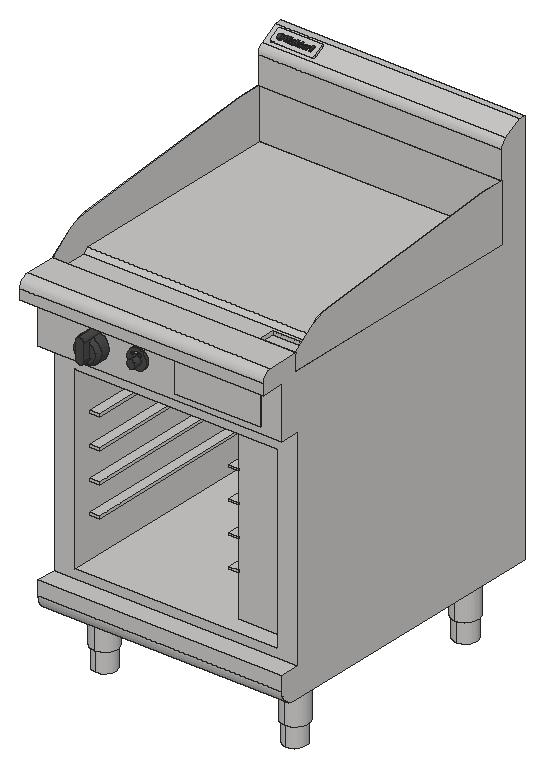
Revit family "QF_MOFFAT WALDORF_GP8600G-CB", category Specialty Equipment, Revit 2012
Parameters
  Weight in Pounds = 238.099  # constant formula
  Width [instance] = 600.00 mm  # constant formula
  URL Cutsheet = "www.moffat.com"
  URL = "www.moffat.com"
  Type Mark [instance] = ""
  Status [instance] = ""
  Specification by User [instance] = ""
  Specification by Manufacturer = ""
  Show Logo [instance] = yes
  Show Casters [instance] = no
  Serial Number = ""
  Seismic Rating = ""
  SMACNA No = ""
  Revision Code [instance] = ""
  Omniclass Number and Title = ""
  NAFEM Spec ID Number = ""
  Model = "GP8600G-CB"
  Mechanical Remarks = ""
  Mechanical Connection Type = ""
  Masterspec = ""
  Manufacturer = "MOFFAT WALDORF"
  Legs [instance] = not(Show Casters)  # yes
  Item Number [instance] = ""
  Installed By [instance] = ""
  Identify Quantity as Lot [instance] = yes
  Height = 1130.00 mm  # constant formula
  Gas Size = 3/4"
  Gas RI Height = 0.00 mm
  Gas KW = 14.7
  Gas Input = 50234.0 Btu/h
  Gas Connection Height = 0.00 mm
  Furnished By [instance] = ""
  Foodservice Equipment Identifier [instance] = yes
  Description = "GRIDDLE PLATE GAS ON CABINET BASE"
  Depth [instance] = 805.00 mm  # constant formula
  CSI MasterFormat = ""
  CSI Master Format = ""
  Back Splash [instance] = 215.00 mm  # constant formula
Reference planes
  plane 1 "BACK": y = 0
  plane 2: z = 0
  plane 3 "LEFT": x = 0
  plane 4 "RIGHT": x = 600
  plane 5 "FRONT": y = -805
  plane 6 "TOP": z = 1130
  plane 7 "Center Y": x = 300
  plane 8 "Center X": y = -402.5
  plane 9 "Base Height": z = 150
  plane 10: z = 915
  plane 11: x = 65
  plane 12: x = 534
  plane 13: y = -625
  plane 14: y = -100
  plane 15: x = 470
  plane 16: z = 655
  plane 17: y = -32
Forms (mm)
  Extrusion 1, solid, material "QF_Finishes_Stainless Steel"
    sketch origin (0, 0, 0) x (0, 1, 0) y (0, 0, 1)
      loop
        line (-699, 222.5) -> (-749, 222.5) -> (-749, 188)
        arc (-749, 188) -> (-737.87, 161.13) -> (-711, 150) r 38
        line (-711, 150) -> (-699, 150) -> (-699, 222.5)
      loop
        line (-100, 150) -> (0, 150) -> (0, 1130) -> (-16.5, 1130) -> (-58, 1106.04)
        arc (-58, 1106.04) -> (-66.785, 1097.255) -> (-70, 1085.255) r 24
        line (-70, 1085.255) -> (-70, 875) -> (-705, 875) -> (-705, 915) -> (-781, 915)
        arc (-781, 915) -> (-797.971, 907.971) -> (-805, 891) r 24
        line (-805, 891) -> (-805, 866) -> (-749, 866) -> (-749, 740) -> (-100, 740) -> (-100, 150)
    from 0 to 600
  Revolve 2, solid, material "QF_Finishes_Stainless Steel", visible <- "Legs"
    sketch origin (534, -210, 0) x (0, 1, 0) y (0, 0, -1)
      loop
        line (78.25, -150) -> (110, -150) -> (110, 0) -> (82.5, 0) -> (82.5, -50) -> (78.25, -50) -> (78.25, -150)
      axis (110, -150) -> (110, 0)
    angle from 0 to 360
  Revolve 3, solid, material "QF_Finishes_Stainless Steel"
    sketch origin (534, -735, 0) x (0, 1, 0) y (0, 0, -1)
      loop
        line (78.25, -150) -> (110, -150) -> (110, 0) -> (82.5, 0) -> (82.5, -50) -> (78.25, -50) -> (78.25, -150)
      axis (110, -150) -> (110, 0)
    angle from 0 to 360
  Revolve 4, solid, material "QF_Finishes_Stainless Steel", visible <- "Legs"
    sketch origin (65, -210, 0) x (0, 1, 0) y (0, 0, -1)
      loop
        line (78.25, -150) -> (110, -150) -> (110, 0) -> (82.5, 0) -> (82.5, -50) -> (78.25, -50) -> (78.25, -150)
      axis (110, -150) -> (110, 0)
    angle from 0 to 360
  Revolve 5, solid, material "QF_Finishes_Stainless Steel"
    sketch origin (65, -735, 0) x (0, 1, 0) y (0, 0, -1)
      loop
        line (78.25, -150) -> (110, -150) -> (110, 0) -> (82.5, 0) -> (82.5, -50) -> (78.25, -50) -> (78.25, -150)
      axis (110, -150) -> (110, 0)
    angle from 0 to 360
  Revolve 6, solid, material "QF_Finishes_Black"
    sketch origin (150, 0, 602.373) x (0, 1, 0) y (0, 0, -1)
      loop
        line (-782, -229.5) -> (-759, -229.5) -> (-759, -202) -> (-749, -202) -> (-749, -197) -> (-793, -197) -> (-793, -223.651) -> (-782, -229.5)
      axis (-793, -197) -> (-749, -197)
    angle from 0 to 360
  Extrusion 7, solid, material "QF_Finishes_Black"
    sketch origin (288.27, 0, 602.531) x (-1, 0, 0) y (0, 0, -1)
      loop
        arc (148.269, -184.969) -> (138.269, -174.969) -> (128.269, -184.969) r 10
        line (128.269, -184.969) -> (128.269, -223.969)
        arc (128.269, -223.969) -> (138.269, -233.969) -> (148.269, -223.969) r 10
        line (148.269, -223.969) -> (148.269, -184.969)
    from 759 to 808
  Extrusion 8, solid, material "QF_Finishes_Stainless Steel"
    sketch origin (0, -749, 866) x (0, 0, -1) y (1, 0, 0)
      loop
        line (24, 340) -> (111, 340) -> (111, 550) -> (24, 550) -> (24, 340)
    from 0 to 2.5
  Extrusion 9, solid, material "QF_Finishes_Stainless Steel"
    sketch origin (0, -751.5, 866) x (0, 0, -1) y (1, 0, 0)
      loop
        line (31, 550) -> (24, 550) -> (24, 340) -> (31, 340) -> (31, 550)
    from 0 to 5
  Extrusion 10, solid, material "QF_Finishes_Black"
    sketch origin (0, -749, 866) x (0, 0, -1) y (1, 0, 0)
      loop
        circle (66.25, 247.5) r 24
      loop
        arc (56.35, 262.413) -> (48.314, 247.625) -> (56.132, 232.719) r 17.868
        arc (56.132, 232.719) -> (56.612, 232.434) -> (57.127, 232.649) r 0.621
        arc (57.127, 232.649) -> (58.564, 235.208) -> (58.908, 238.122) r 7.495
        arc (58.908, 238.122) -> (58.704, 239.05) -> (58.256, 239.888) r 3.472
        arc (58.256, 239.888) -> (55.964, 247.351) -> (58.094, 254.862) r 13.786
        arc (58.094, 254.862) -> (58.734, 256.132) -> (58.999, 257.528) r 5.101
        arc (58.999, 257.528) -> (58.628, 260.047) -> (57.334, 262.239) r 6.611
        arc (57.334, 262.239) -> (56.872, 262.497) -> (56.35, 262.413) r 0.806
    from 0 to 5
  Extrusion 11, solid, material "QF_Finishes_Black"
    sketch origin (0, -754, 866) x (0, 0, -1) y (1, 0, 0)
      loop
        circle (69.75, 247.5) r 10
    from 0 to 18.251
  Extrusion 12, solid, material "QF_Finishes_Stainless Steel"
    sketch origin (0, -699, 685) x (1, 0, 0) y (0, -1, 0)
      loop
        circle (470, -667) r 13.5
    from -55 to 30
  Extrusion 13, solid, material "QF_Finishes_Stainless Steel"
    sketch origin (0, -100, 866) x (0, 0, 1) y (-1, 0, 0)
      loop
        line (-716, 0) -> (-716, -600) -> (-126, -600) -> (-126, 0) -> (-716, 0)
      loop
        line (-181, -50) -> (-623.5, -50) -> (-623.5, -550) -> (-181, -550) -> (-181, -50)
    from 0 to 599
  Extrusion 14, void
    sketch origin (0, 0, 150) x (-1, 0, 0) y (0, -1, 0)
      loop
        line (-535.614, 87.26) -> (-535.614, -30.24) -> (-406.114, -30.24) -> (-406.114, 38.76) -> (-454.614, 87.26) -> (-535.614, 87.26)
    from 72.5 to 590
  Extrusion 15, solid, material "QF_Finishes_Stainless Steel"
    sketch origin (0, -100, 866) x (0, 0, 1) y (-1, 0, 0)
      loop
        line (-447.25, -50) -> (-447.25, -75) -> (-440.9, -75) -> (-440.9, -50) -> (-447.25, -50)
      loop
        line (-365.9, -75) -> (-365.9, -50) -> (-372.25, -50) -> (-372.25, -75) -> (-365.9, -75)
      loop
        line (-522.25, -50) -> (-522.25, -75) -> (-515.9, -75) -> (-515.9, -50) -> (-522.25, -50)
      loop
        line (-290.9, -75) -> (-290.9, -50) -> (-297.25, -50) -> (-297.25, -75) -> (-290.9, -75)
      loop
        line (-447.25, -419.5) -> (-440.9, -419.5) -> (-440.9, -394.5) -> (-447.25, -394.5) -> (-447.25, -419.5)
      loop
        line (-365.9, -394.5) -> (-372.25, -394.5) -> (-372.25, -419.5) -> (-365.9, -419.5) -> (-365.9, -394.5)
      loop
        line (-522.25, -419.5) -> (-515.9, -419.5) -> (-515.9, -394.5) -> (-522.25, -394.5) -> (-522.25, -419.5)
      loop
        line (-290.9, -394.5) -> (-297.25, -394.5) -> (-297.25, -419.5) -> (-290.9, -419.5) -> (-290.9, -394.5)
    from 0 to 554
  Extrusion 16, solid, material "QF_Finishes_Stainless Steel"
    sketch origin (0, -100, 866) x (0, 0, 1) y (-1, 0, 0)
      loop
        line (-181, -550) -> (-181, -419.5) -> (-623.5, -419.5) -> (-623.5, -550) -> (-181, -550)
    from 546.898 to 554
Cuts and joins
  joined: Extrusion 8, Extrusion 9
  Extrusion 14 cuts Extrusion 1
  joined: Extrusion 1, Extrusion 13
Lines and regions (mm)
  Split face 1
    outline origin (12.5, -16.5, 1130) x (0, -0.866025, -0.5) y (1, 0, 0)
      loop
        line (5.391, 151.462) -> (40.361, 151.462) -> (40.361, 169.241) -> (5.391, 169.241) -> (5.391, 151.462)
  Split face 2
    outline origin (66.25, -16.5, 1130) x (0, -0.866025, -0.5) y (1, 0, 0)
      loop
        line (5.391, 151.462) -> (40.361, 151.462) -> (40.361, 169.241) -> (5.391, 169.241) -> (5.391, 151.462)
  Split face 3
    outline origin (120, -16.5, 1130) x (0, -0.866025, -0.5) y (1, 0, 0)
      loop
        line (5.391, 151.462) -> (40.361, 151.462) -> (40.361, 169.241) -> (5.391, 169.241) -> (5.391, 151.462)
  Split face 4
    outline origin (173.75, -16.5, 1130) x (0, -0.866025, -0.5) y (1, 0, 0)
      loop
        line (5.391, 151.462) -> (40.361, 151.462) -> (40.361, 169.241) -> (5.391, 169.241) -> (5.391, 151.462)
  Split face 5
    outline origin (227.5, -16.5, 1130) x (0, -0.866025, -0.5) y (1, 0, 0)
      loop
        line (5.391, 151.462) -> (40.361, 151.462) -> (40.361, 169.241) -> (5.391, 169.241) -> (5.391, 151.462)
  Split face 6
    outline origin (281.25, -16.5, 1130) x (0, -0.866025, -0.5) y (1, 0, 0)
      loop
        line (5.391, 151.462) -> (40.361, 151.462) -> (40.361, 169.241) -> (5.391, 169.241) -> (5.391, 151.462)
  Split face 7
    outline origin (335, -16.5, 1130) x (0, -0.866025, -0.5) y (1, 0, 0)
      loop
        line (5.391, 151.462) -> (40.361, 151.462) -> (40.361, 169.241) -> (5.391, 169.241) -> (5.391, 151.462)
  symbolic lines
    curve 1: line (0, 0, 0) -> (0, -805, 0)
    curve 2: line (600, 0, 0) -> (0, 0, 0)
    curve 3: line (600, -805, 0) -> (600, 0, 0)
    curve 4: line (0, -70, 0) -> (600, -70, 0)
    curve 5: line (0, -805, 0) -> (600, -805, 0)
    curve 6: line (12.5, -20.958, 0) -> (121.5, -20.958, 0)
    curve 7: line (12.5, -51.234, 0) -> (12.5, -20.958, 0)
    curve 8: line (121.5, -20.958, 0) -> (121.5, -51.234, 0)
    curve 9: line (12.5, -51.234, 0) -> (121.5, -51.234, 0)
    curve 10: line (181.741, -21.168, 0) -> (181.741, -51.453, 0)
    curve 11: line (181.741, -51.453, 0) -> (163.962, -51.453, 0)
    curve 12: line (163.962, -51.453, 0) -> (163.962, -21.168, 0)
    curve 13: line (163.962, -21.168, 0) -> (181.741, -21.168, 0)
    curve 14: line (217.712, -51.453, 0) -> (217.712, -21.168, 0)
    curve 15: line (217.712, -21.168, 0) -> (235.491, -21.168, 0)
    curve 16: line (235.491, -21.168, 0) -> (235.491, -51.453, 0)
    curve 17: line (235.491, -51.453, 0) -> (217.712, -51.453, 0)
    curve 18: line (271.462, -51.453, 0) -> (271.462, -21.168, 0)
    curve 19: line (271.462, -21.168, 0) -> (289.241, -21.168, 0)
    curve 20: line (289.241, -21.168, 0) -> (289.241, -51.453, 0)
    curve 21: line (289.241, -51.453, 0) -> (271.462, -51.453, 0)
    curve 22: line (325.212, -21.168, 0) -> (325.212, -51.453, 0)
    curve 23: line (325.212, -51.453, 0) -> (342.991, -51.453, 0)
    curve 24: line (342.991, -51.453, 0) -> (342.991, -21.168, 0)
    curve 25: line (342.991, -21.168, 0) -> (325.212, -21.168, 0)
    curve 26: line (378.962, -51.453, 0) -> (378.962, -21.168, 0)
    curve 27: line (378.962, -21.168, 0) -> (396.741, -21.168, 0)
    curve 28: line (396.741, -21.168, 0) -> (396.741, -51.453, 0)
    curve 29: line (396.741, -51.453, 0) -> (378.962, -51.453, 0)
    curve 30: line (432.712, -21.168, 0) -> (432.712, -51.453, 0)
    curve 31: line (432.712, -51.453, 0) -> (450.491, -51.453, 0)
    curve 32: line (450.491, -51.453, 0) -> (450.491, -21.168, 0)
    curve 33: line (450.491, -21.168, 0) -> (432.712, -21.168, 0)
    curve 34: line (486.462, -51.453, 0) -> (486.462, -21.168, 0)
    curve 35: line (486.462, -21.168, 0) -> (504.241, -21.168, 0)
    curve 36: line (504.241, -21.168, 0) -> (504.241, -51.453, 0)
    curve 37: line (504.241, -51.453, 0) -> (486.462, -51.453, 0)
Dimensions and locks
  equal spacing: plane 3 "LEFT", plane 7 "Center Y", plane 4 "RIGHT"
  "Width": plane 3 "LEFT" to plane 4 "RIGHT"
  equal spacing: plane 5 "FRONT", plane 8 "Center X", plane 1 "BACK"
  "Depth": plane 5 "FRONT" to plane 1 "BACK"
  locked: plane 10 to level at 915
  locked: plane 9 "Base Height" to level at 150
  plane 6 "TOP" to nested 1 to nested 1 to plane 10 = 1.099 mm locked, 17.226 mm locked, 196.675 mm
  plane 13 to plane 14 = 525.00 mm
  plane 12 to plane 11 = 469.00 mm
  "Height": plane 6 "TOP" to level
  plane 15 to plane 4 "RIGHT" = 130.00 mm
  plane 16 to level = 655.00 mm
  plane 17 to plane 1 "BACK" = 32.00 mm
  aligned and locked: level to plane 2
Automatic sketch dimensions
  plane 1 "BACK" to curve 1 = 0.00 mm
  curve 1 to plane 3 "LEFT" = 0.00 mm
  curve 3 to plane 4 "RIGHT" = 0.00 mm
  plane 5 "FRONT" to curve 5 = 0.00 mm
  plane 3 "LEFT" to curve 6 = 12.50 mm
  plane 11 to curve 9 = 56.50 mm
  plane 14 to curve 4 = 30.00 mm
  curve 4 to curve 7 = 18.766 mm
  plane 1 "BACK" to curve 6 = 20.958 mm
  Revolve 2 sketch curve to plane 9 "Base Height" = 0.00 mm
  Revolve 2 sketch curve to level = 0.00 mm
  Revolve 2 sketch curve to plane 14 = 0.00 mm  (x2)
  Revolve 2 sketch curve to plane 14 = 27.50 mm
  Revolve 2 sketch curve to plane 14 = 31.75 mm
  level to Revolve 2 sketch curve = 50.00 mm
  Revolve 2 sketch curve to Revolve 2 sketch curve = 0.00 mm
  Revolve 2 sketch curve to Revolve 2 sketch curve = 55.00 mm
  Revolve 3 sketch curve to plane 9 "Base Height" = 0.00 mm
  Revolve 3 sketch curve to level = 0.00 mm
  Revolve 3 sketch curve to plane 13 = 0.00 mm  (x2)
  Revolve 3 sketch curve to plane 13 = 27.50 mm
  Revolve 3 sketch curve to plane 13 = 31.75 mm
  level to Revolve 3 sketch curve = 50.00 mm
  Revolve 3 sketch curve to Revolve 3 sketch curve = 0.00 mm
  Revolve 3 sketch curve to Revolve 3 sketch curve = 55.00 mm
  Revolve 4 sketch curve to plane 9 "Base Height" = 0.00 mm
  Revolve 4 sketch curve to level = 0.00 mm
  Revolve 4 sketch curve to plane 14 = 0.00 mm  (x2)
  Revolve 4 sketch curve to plane 14 = 27.50 mm
  Revolve 4 sketch curve to plane 14 = 31.75 mm
  level to Revolve 4 sketch curve = 50.00 mm
  Revolve 4 sketch curve to Revolve 4 sketch curve = 0.00 mm
  Revolve 4 sketch curve to Revolve 4 sketch curve = 55.00 mm
  Revolve 5 sketch curve to plane 9 "Base Height" = 0.00 mm
  Revolve 5 sketch curve to level = 0.00 mm
  Revolve 5 sketch curve to plane 13 = 0.00 mm  (x2)
  Revolve 5 sketch curve to plane 13 = 27.50 mm
  Revolve 5 sketch curve to plane 13 = 31.75 mm
  level to Revolve 5 sketch curve = 50.00 mm
  Revolve 5 sketch curve to Revolve 5 sketch curve = 0.00 mm
  Revolve 5 sketch curve to Revolve 5 sketch curve = 55.00 mm
  Extrusion 1 to Split face 1 sketch curve = 5.391 mm
  Split face 1 sketch curve to Extrusion 1 = 7.559 mm
  Split face 1 sketch curve to Extrusion 1 = 163.962 mm
  Split face 1 sketch curve to Split face 1 sketch curve = 17.779 mm
  Extrusion 1 to Split face 2 sketch curve = 5.391 mm
  Split face 2 sketch curve to Extrusion 1 = 7.559 mm
  Split face 2 sketch curve to Extrusion 1 = 217.712 mm
  Split face 2 sketch curve to Split face 2 sketch curve = 17.779 mm
  Extrusion 1 to Split face 3 sketch curve = 5.391 mm
  Split face 3 sketch curve to Extrusion 1 = 7.559 mm
  Split face 3 sketch curve to Extrusion 1 = 271.462 mm
  Split face 3 sketch curve to Split face 3 sketch curve = 17.779 mm
  Extrusion 1 to Split face 4 sketch curve = 5.391 mm
  Split face 4 sketch curve to Extrusion 1 = 7.559 mm
  Split face 4 sketch curve to Extrusion 1 = 274.788 mm
  Split face 4 sketch curve to Split face 4 sketch curve = 17.779 mm
  Extrusion 1 to Split face 5 sketch curve = 5.391 mm
  Split face 5 sketch curve to Extrusion 1 = 7.559 mm
  Split face 5 sketch curve to Extrusion 1 = 221.038 mm
  Split face 5 sketch curve to Split face 5 sketch curve = 17.779 mm
  Extrusion 1 to Split face 6 sketch curve = 5.391 mm
  Split face 6 sketch curve to Extrusion 1 = 7.559 mm
  Split face 6 sketch curve to Extrusion 1 = 167.288 mm
  Split face 6 sketch curve to Split face 6 sketch curve = 17.779 mm
  Extrusion 1 to Split face 7 sketch curve = 5.391 mm
  Split face 7 sketch curve to Extrusion 1 = 7.559 mm
  Split face 7 sketch curve to Extrusion 1 = 113.538 mm
  Split face 7 sketch curve to Split face 7 sketch curve = 17.779 mm
  curve 8 to curve 12 = 42.462 mm
  curve 12 to curve 13 = 17.779 mm
  curve 12 to curve 8 = 0.219 mm
  plane 1 "BACK" to curve 10 = 21.168 mm
  curve 10 to curve 15 = 35.971 mm
  curve 14 to curve 17 = 17.779 mm
  curve 10 to curve 17 = 0.00 mm
  plane 1 "BACK" to curve 15 = 21.168 mm
  curve 18 to plane 7 "Center Y" = 28.538 mm
  curve 21 to plane 7 "Center Y" = 10.759 mm
  curve 16 to curve 18 = 0.00 mm
  plane 1 "BACK" to curve 20 = 21.168 mm
  plane 7 "Center Y" to curve 23 = 25.212 mm
  curve 22 to curve 25 = 17.779 mm
  plane 14 to curve 24 = 48.547 mm
  plane 1 "BACK" to curve 25 = 21.168 mm
  curve 24 to curve 27 = 35.971 mm
  curve 26 to curve 29 = 17.779 mm
  plane 14 to curve 29 = 48.547 mm
  plane 1 "BACK" to curve 26 = 21.168 mm
  curve 28 to curve 30 = 35.971 mm
  curve 30 to curve 33 = 17.779 mm
  plane 14 to curve 32 = 48.547 mm
  plane 1 "BACK" to curve 33 = 21.168 mm
  curve 31 to curve 34 = 35.971 mm
  curve 34 to curve 37 = 17.779 mm
  plane 14 to curve 37 = 48.547 mm
  plane 1 "BACK" to curve 34 = 21.168 mm
  Revolve 6 sketch curve to plane 5 "FRONT" = 12.00 mm
  Revolve 6 sketch curve to Revolve 6 sketch curve = 0.00 mm  (x2)
  Revolve 6 sketch curve to Revolve 6 sketch curve = 11.00 mm
  Revolve 6 sketch curve to Revolve 6 sketch curve = 12.70 mm
  Revolve 6 sketch curve to Revolve 6 sketch curve = 23.00 mm
  Revolve 6 sketch curve to Revolve 6 sketch curve = 10.00 mm
  plane 9 "Base Height" to Revolve 6 sketch curve = 681.873 mm
  Revolve 6 sketch curve to Revolve 6 sketch curve = 5.849 mm
  Revolve 6 sketch curve to Revolve 6 sketch curve = 27.50 mm
  Revolve 6 sketch curve to Revolve 6 sketch curve = 5.00 mm
  plane 11 to Extrusion 7 sketch curve = 95.001 mm
  Extrusion 7 sketch curve to Extrusion 7 sketch curve = 10.00 mm
  plane 9 "Base Height" to Extrusion 7 sketch curve = 676.50 mm
  plane 9 "Base Height" to Extrusion 7 sketch curve = 637.50 mm
  Extrusion 9 sketch curve to Extrusion 8 = 0.00 mm  (x2)
  Extrusion 8 to Extrusion 9 sketch curve = 0.00 mm
  Extrusion 9 sketch curve to Extrusion 8 = 7.00 mm
  Extrusion 1 to Extrusion 10 sketch curve = 51.437 mm
  Extrusion 10 sketch curve to Extrusion 10 sketch curve = 0.958 mm
  Extrusion 10 sketch curve to Extrusion 10 sketch curve = 1.509 mm
  Extrusion 10 sketch curve to Extrusion 10 sketch curve = 4.01 mm
  Extrusion 10 sketch curve to Extrusion 10 sketch curve = 0.685 mm
  Extrusion 10 sketch curve to Extrusion 10 sketch curve = 2.447 mm
  Extrusion 10 sketch curve to Extrusion 10 sketch curve = 0.524 mm
  Extrusion 10 sketch curve to Extrusion 10 sketch curve = 0.381 mm
  Extrusion 10 sketch curve to Extrusion 10 sketch curve = 0.472 mm
  Extrusion 10 sketch curve to Extrusion 10 sketch curve = 0.00 mm  (x5)
  Extrusion 10 sketch curve to Extrusion 10 sketch curve = 0.602 mm
  Extrusion 10 sketch curve to Extrusion 10 sketch curve = 4.19 mm
  Extrusion 10 sketch curve to Extrusion 10 sketch curve = 2.809 mm
  Extrusion 10 sketch curve to Extrusion 10 sketch curve = 0.652 mm
  Extrusion 10 sketch curve to Extrusion 10 sketch curve = 0.905 mm
  Extrusion 10 sketch curve to Extrusion 10 sketch curve = 8.087 mm
  Extrusion 10 sketch curve to Extrusion 10 sketch curve = 0.069 mm
  Extrusion 10 sketch curve to Extrusion 10 sketch curve = 3.50 mm
  Extrusion 1 to Extrusion 10 sketch curve = 232.649 mm
  Extrusion 10 sketch curve to Extrusion 10 sketch curve = 0.07 mm
  Extrusion 10 sketch curve to Extrusion 10 sketch curve = 7.606 mm
  Extrusion 10 sketch curve to Extrusion 10 sketch curve = 0.007 mm
  Extrusion 1 to Extrusion 8 sketch curve = 24.00 mm
  Extrusion 8 sketch curve to Extrusion 1 = 15.00 mm
  Extrusion 1 to Extrusion 8 sketch curve = 260.00 mm
  Extrusion 1 to Extrusion 8 sketch curve = 50.00 mm
  Extrusion 1 sketch curve to plane 5 "FRONT" = 0.00 mm
  Extrusion 1 sketch curve to plane 10 = 0.00 mm
  Extrusion 1 sketch curve to plane 9 "Base Height" = 0.00 mm  (x2)
  Extrusion 1 sketch curve to plane 14 = 0.00 mm
  Extrusion 1 sketch curve to plane 6 "TOP" = 0.00 mm
  Extrusion 1 sketch curve to plane 1 "BACK" = 0.00 mm
  Extrusion 1 sketch curve to plane 5 "FRONT" = 24.00 mm
  Extrusion 1 sketch curve to plane 5 "FRONT" = 56.00 mm  (x2)
  Extrusion 1 sketch curve to Extrusion 1 sketch curve = 38.00 mm
  Extrusion 1 sketch curve to Extrusion 1 sketch curve = 44.00 mm
  Extrusion 1 sketch curve to Extrusion 1 sketch curve = 12.00 mm  (x2)
  plane 14 to Extrusion 1 sketch curve = 30.00 mm
  Extrusion 1 sketch curve to plane 17 = 14.00 mm
  plane 17 to Extrusion 1 sketch curve = 15.50 mm
  Extrusion 1 sketch curve to Extrusion 1 sketch curve = 34.50 mm
  Extrusion 1 sketch curve to Extrusion 1 sketch curve = 25.00 mm
  Extrusion 1 sketch curve to plane 10 = 40.00 mm
  Extrusion 1 sketch curve to plane 6 "TOP" = 44.745 mm
  Extrusion 1 to Extrusion 13 sketch curve = 0.00 mm
  Extrusion 13 sketch curve to Extrusion 1 = 0.00 mm  (x2)
  Extrusion 1 to Extrusion 13 sketch curve = 92.50 mm
  Extrusion 13 sketch curve to Extrusion 13 sketch curve = 92.50 mm
  Extrusion 1 to Extrusion 13 sketch curve = 50.00 mm  (x2)
  plane 16 to Extrusion 1 sketch curve = 85.00 mm
  Extrusion 12 sketch curve to plane 15 = 0.00 mm
  Extrusion 12 sketch curve to plane 17 = 0.00 mm
  Extrusion 1 to Extrusion 13 sketch curve = 55.00 mm
  Extrusion 14 sketch curve to plane 12 = 1.614 mm
  Extrusion 14 sketch curve to plane 15 = 15.386 mm
  Extrusion 14 sketch curve to plane 17 = 6.76 mm
  Extrusion 14 sketch curve to plane 15 = 63.886 mm
  Extrusion 14 sketch curve to plane 1 "BACK" = 30.24 mm
  plane 14 to Extrusion 14 sketch curve = 12.74 mm
  Extrusion 1 to Extrusion 16 sketch curve = 92.50 mm
  Extrusion 1 to Extrusion 16 sketch curve = 55.00 mm
  Extrusion 1 to Extrusion 16 sketch curve = 50.00 mm
  Extrusion 16 sketch curve to Extrusion 16 sketch curve = 130.50 mm
  Extrusion 1 to Extrusion 15 sketch curve = 50.00 mm  (x2)
  Extrusion 1 to Extrusion 15 sketch curve = 193.75 mm  (x2)
  Extrusion 15 sketch curve to Extrusion 15 sketch curve = 6.35 mm  (x8)
  Extrusion 15 sketch curve to Extrusion 15 sketch curve = 68.65 mm  (x6)
  Extrusion 15 sketch curve to Extrusion 15 sketch curve = 25.00 mm  (x8)
  Extrusion 15 sketch curve to Extrusion 15 sketch curve = 0.00 mm  (x4)
  Extrusion 1 to Extrusion 15 sketch curve = 75.00 mm
  Extrusion 1 to Extrusion 15 sketch curve = 205.50 mm
  radius of Extrusion 11 sketch curve to Extrusion 10 = 3.786 mm
  radius of Extrusion 10 sketch curve = 24.00 mm
  radius of Extrusion 12 sketch curve = 13.50 mm
Nested families
  nested 1: "WALDORF-LOGO" at (12.5, -35.273, 1102.604), visible <- "Show Logo", type "WALDORF-LOGO", detail levels medium+fine
    with Type Mark "", Status "", Specification by User "", Revision Code "", Item Number "", Installed By "", Identify Quantity as Lot yes, Furnished By "", Foodservice Equipment Identifier yes
  nested 2: "GP8600G-CB-CASTERS" at (65, -127.5, 0), Show Casters <- "Show Casters", visible <- "Show Casters", type "GP8600G-CB-CASTERS"
    with Type Mark "", Status "", Specification by User "", Show Casters no, Revision Code "", Item Number "", Installed By "", Identify Quantity as Lot yes, Furnished By "", Foodservice Equipment Identifier yes
  nested 3: "GP8600G-CB-CASTERS" at (535, -127.5, 0), Show Casters <- "Show Casters", visible <- "Show Casters", type "GP8600G-CB-CASTERS"
    with Type Mark "", Status "", Specification by User "", Show Casters no, Revision Code "", Item Number "", Installed By "", Identify Quantity as Lot yes, Furnished By "", Foodservice Equipment Identifier yes
  nested 4: "GAS GRIDDLE PLATE" at (0, -70, 884.5), type "GAS GRIDDLE PLATE"
    with Type Mark "", Status "", Specification by User "", Show Clearance yes, Revision Code "", Number of Poles 1, Mechanical Remarks "", Mechanical Connection Type "", Item Number "", Installed By "", Identify Quantity as Lot yes, Gas RI Height 0.00 mm, Gas KW 0, Gas Input 0.0 Btu/h, Furnished By "", Foodservice Equipment Identifier yes, Electrical Remarks "", Electric Connection Type "", Elec Conn RI Height 0.00 mm, Elec Conn Connection Height 0.00 mm
Connectors
  piping at (470, -32, 655)
    settings: on Extrusion 12, index 1, connector radius 0.37402", flow factor 0, pipe flow 0 GPM, pressure drop 0.00 psi, fitting loss kfactor 0, connector angle 0.00°, fixture units 0, engagement length 0.00 mm, flow configuration 1, flow direction 1, fitting loss method 0, system type 7, joint type 0, gender type 0, connector reference index -1, connector utility 0, adjustable connector no, is connector primary yes, fitting loss table "", connector description "GAS CONNECTION"
Definition of nested family "WALDORF-LOGO"
  Parameters (values of type "BT8300-CB-LOGO")
    Weight in Pounds = 0
    URL Cutsheet = ""
    Type Mark [instance] = ""
    Status [instance] = ""
    Specification by User [instance] = ""
    Specification by Manufacturer = ""
    Show Logo [instance] = yes
    Serial Number = ""
    Seismic Rating = ""
    SMACNA No = ""
    Revision Code [instance] = ""
    Omniclass Number and Title = ""
    NAFEM Spec ID Number = ""
    Masterspec = ""
    Item Number [instance] = ""
    Installed By [instance] = ""
    Identify Quantity as Lot [instance] = yes
    Furnished By [instance] = ""
    Foodservice Equipment Identifier [instance] = yes
    CSI MasterFormat = ""
    CSI Master Format = ""
  Reference planes
    plane 1 "BACK": y = 0
    plane 2: z = 0
    plane 3 "LEFT": x = 0
    plane 4 "RIGHT": x = 109
    plane 5 "FRONT": y = -1.588
    plane 6 "TOP": z = 34.14
    plane 7 "Center Y": x = 54.5
    plane 8 "Center X": y = -0.794
  Forms (mm)
    Extrusion 1, solid, material "QF_Finishes_Stainless Steel", visible <- "Show Logo"
      sketch origin (0, -15.16, 7.701) x (1, 0, 0) y (0, 0.863373, 0.504566)
        loop
          arc (5, 34.14) -> (1.464, 32.676) -> (0, 29.14) r 5
          line (0, 29.14) -> (0, 5)
          arc (0, 5) -> (1.464, 1.464) -> (5, 0) r 5
          line (5, 0) -> (104, 0)
          arc (104, 0) -> (107.536, 1.464) -> (109, 5) r 5
          line (109, 5) -> (109, 29.14)
          arc (109, 29.14) -> (107.536, 32.676) -> (104, 34.14) r 5
          line (104, 34.14) -> (5, 34.14)
      from 0 to 1.588
    Extrusion 2, solid, material "QF_Finishes_Black", visible <- "Show Logo"
      sketch origin (0, -15.961, 9.072) x (1, 0, 0) y (0, 0.863373, 0.504566)
        loop
          line (24.772, 23.214) -> (27.992, 10.301) -> (31.551, 10.301) -> (33.443, 17.364) -> (35.205, 10.301) -> (39.332, 10.301) -> (42.077, 23.214) -> (38.352, 23.214) -> (36.676, 15.33) -> (35, 23.214) -> (31.752, 23.214) -> (30.076, 15.33) -> (28.4, 23.214) -> (24.772, 23.214)
        loop
          line (42.272, 17.055) -> (45.703, 17.055)
          spline (45.703, 17.055) -> (45.741, 17.285) -> (45.852, 17.499) -> (46.028, 17.682) -> (46.258, 17.823) -> (46.526, 17.912) -> (46.813, 17.942) -> (47.1, 17.912) -> (47.368, 17.823) -> (47.597, 17.682) -> (47.774, 17.499) -> (47.884, 17.285) -> (47.922, 17.055)
          line (47.922, 17.055) -> (47.922, 16.222)
          arc (47.922, 16.222) -> (45.742, 16.014) -> (43.665, 15.317) r 9.604
          arc (43.665, 15.317) -> (41.924, 12.809) -> (43.665, 10.301) r 2.677
          arc (43.665, 10.301) -> (45.527, 10.353) -> (47.332, 10.816) r 8.365
          line (47.332, 10.816) -> (48.092, 11.105) -> (48.092, 10.301) -> (51.817, 10.301) -> (51.817, 17.055)
          spline (51.817, 17.055) -> (51.654, 17.821) -> (51.178, 18.535) -> (50.419, 19.148) -> (49.431, 19.619) -> (48.28, 19.914) -> (47.044, 20.015) -> (45.809, 19.914) -> (44.658, 19.619) -> (43.67, 19.148) -> (42.911, 18.535) -> (42.434, 17.821) -> (42.272, 17.055)
        loop
          line (53.151, 23.214) -> (53.151, 10.301) -> (57.37, 10.301) -> (57.37, 23.214) -> (53.151, 23.214)
        loop
          line (64.874, 23.214) -> (64.874, 18.857)
          arc (64.874, 18.857) -> (58.083, 15.11) -> (64.874, 11.363) r 4.429
          line (64.874, 11.363) -> (64.874, 10.301) -> (68.378, 10.301) -> (68.378, 23.214) -> (64.874, 23.214)
        loop
          arc (64.874, 16.083) -> (61.41, 14.987) -> (64.874, 13.891) r 1.905
          line (64.874, 13.891) -> (64.874, 16.083)
        loop
          circle (74.623, 15.223) r 5
        loop
          spline (74.623, 17.856) -> (74.355, 17.766) -> (74.105, 17.503) -> (73.891, 17.084) -> (73.726, 16.539) -> (73.623, 15.904) -> (73.588, 15.223) -> (73.623, 14.541) -> (73.726, 13.906) -> (73.891, 13.361) -> (74.105, 12.942) -> (74.355, 12.679) -> (74.623, 12.59)
          spline (74.623, 12.59) -> (74.891, 12.679) -> (75.141, 12.942) -> (75.355, 13.361) -> (75.52, 13.906) -> (75.623, 14.541) -> (75.659, 15.223) -> (75.623, 15.904) -> (75.52, 16.539) -> (75.355, 17.084) -> (75.141, 17.503) -> (74.891, 17.766) -> (74.623, 17.856)
        loop
          line (81.255, 19.813) -> (81.255, 10.301) -> (84.834, 10.301) -> (84.834, 14.176)
          arc (84.834, 14.176) -> (85.854, 16.093) -> (88.013, 16.32) r 2.313
          line (88.013, 16.32) -> (88.013, 19.813) -> (87.161, 19.813)
          arc (87.161, 19.813) -> (85.526, 19.266) -> (84.549, 17.844) r 2.717
          line (84.549, 17.844) -> (84.549, 19.813) -> (81.255, 19.813)
        loop
          line (90.249, 19.813) -> (88.91, 19.813) -> (88.91, 17.614) -> (90.249, 17.614) -> (90.249, 10.301) -> (93.998, 10.301) -> (93.998, 17.614) -> (95.418, 17.614) -> (95.418, 19.813) -> (93.998, 19.813)
          arc (93.998, 19.813) -> (94.414, 20.817) -> (95.418, 21.233) r 1.42
          line (95.418, 21.233) -> (95.418, 23.602) -> (93.317, 23.602)
          arc (93.317, 23.602) -> (91.343, 22.903) -> (90.249, 21.118) r 3.137
          line (90.249, 21.118) -> (90.249, 19.813)
        loop
          arc (15.241, 23.571) -> (8.392, 16.525) -> (15.241, 9.479) r 7.049
          line (15.241, 9.479) -> (15.241, 23.571)
        loop
          line (15.641, 23.571) -> (15.641, 9.479)
          arc (15.641, 9.479) -> (22.49, 16.525) -> (15.641, 23.571) r 7.049
        loop
          arc (47.922, 14.711) -> (46.266, 13.749) -> (47.922, 12.787) r 1.107
          line (47.922, 12.787) -> (47.922, 14.711)
      from 0 to 0.2
  Dimensions and locks
    equal spacing: plane 3 "LEFT", plane 7 "Center Y", plane 4 "RIGHT"
    plane 3 "LEFT" to plane 4 "RIGHT" = 109.00 mm
    equal spacing: plane 5 "FRONT", plane 8 "Center X", plane 1 "BACK"
    plane 5 "FRONT" to plane 1 "BACK" = 1.588 mm
    aligned and locked: level to plane 2
  Automatic sketch dimensions
    Extrusion 1 sketch curve to plane 3 "LEFT" = 0.00 mm
    Extrusion 1 sketch curve to plane 4 "RIGHT" = 0.00 mm
    plane 3 "LEFT" to Extrusion 1 sketch curve = 5.00 mm  (x2)
    plane 4 "RIGHT" to Extrusion 1 sketch curve = 5.00 mm  (x2)
    Extrusion 1 sketch curve to Extrusion 1 sketch curve = 24.14 mm
    Extrusion 2 sketch curve to Extrusion 2 sketch curve = 0.00 mm  (x14)
    Extrusion 2 sketch curve to Extrusion 1 = 15.241 mm
    Extrusion 2 sketch curve to Extrusion 2 sketch curve = 0.20 mm
    Extrusion 2 sketch curve to Extrusion 2 sketch curve = 0.40 mm
    Extrusion 2 sketch curve to Extrusion 2 sketch curve = 9.131 mm
    Extrusion 2 sketch curve to Extrusion 1 = 10.301 mm  (x2)
    Extrusion 2 sketch curve to Extrusion 2 sketch curve = 12.351 mm
    Extrusion 2 sketch curve to Extrusion 2 sketch curve = 3.628 mm
    Extrusion 2 sketch curve to Extrusion 2 sketch curve = 2.084 mm
    Extrusion 2 sketch curve to Extrusion 2 sketch curve = 3.559 mm
    Extrusion 2 sketch curve to Extrusion 1 = 10.926 mm  (x2)
    Extrusion 2 sketch curve to Extrusion 2 sketch curve = 3.352 mm  (x2)
    Extrusion 2 sketch curve to Extrusion 2 sketch curve = 3.367 mm
    Extrusion 2 sketch curve to Extrusion 2 sketch curve = 3.249 mm
    Extrusion 2 sketch curve to Extrusion 2 sketch curve = 3.654 mm
    Extrusion 2 sketch curve to Extrusion 1 = 15.33 mm
    Extrusion 2 sketch curve to Extrusion 2 sketch curve = 3.233 mm
    Extrusion 2 sketch curve to Extrusion 2 sketch curve = 4.128 mm
    Extrusion 2 sketch curve to Extrusion 2 sketch curve = 3.725 mm
    Extrusion 2 sketch curve to Extrusion 2 sketch curve = 5.596 mm
    Extrusion 2 sketch curve to Extrusion 2 sketch curve = 4.333 mm
    Extrusion 2 sketch curve to Extrusion 2 sketch curve = 1.394 mm
    Extrusion 2 sketch curve to Extrusion 2 sketch curve = 2.092 mm
    Extrusion 2 sketch curve to Extrusion 2 sketch curve = 0.936 mm
    Extrusion 2 sketch curve to Extrusion 2 sketch curve = 1.34 mm
    Extrusion 2 sketch curve to Extrusion 2 sketch curve = 1.109 mm
    Extrusion 2 sketch curve to Extrusion 2 sketch curve = 0.232 mm
    Extrusion 2 sketch curve to Extrusion 2 sketch curve = 2.731 mm
    Extrusion 2 sketch curve to Extrusion 2 sketch curve = 0.549 mm  (x2)
    Extrusion 2 sketch curve to Extrusion 2 sketch curve = 0.407 mm
    Extrusion 2 sketch curve to Extrusion 2 sketch curve = 0.76 mm
    Extrusion 2 sketch curve to Extrusion 2 sketch curve = 1.334 mm
    Extrusion 2 sketch curve to Extrusion 2 sketch curve = 4.219 mm
    Extrusion 2 sketch curve to Extrusion 2 sketch curve = 5.142 mm
    Extrusion 2 sketch curve to Extrusion 2 sketch curve = 0.803 mm
    Extrusion 2 sketch curve to Extrusion 2 sketch curve = 1.558 mm
    Extrusion 2 sketch curve to Extrusion 2 sketch curve = 3.504 mm
    Extrusion 2 sketch curve to Extrusion 2 sketch curve = 6.245 mm
    Extrusion 2 sketch curve to Extrusion 2 sketch curve = 6.632 mm
    Extrusion 2 sketch curve to Extrusion 2 sketch curve = 3.294 mm
    Extrusion 2 sketch curve to Extrusion 2 sketch curve = 3.579 mm
    Extrusion 2 sketch curve to Extrusion 2 sketch curve = 2.313 mm
    Extrusion 2 sketch curve to Extrusion 2 sketch curve = 2.612 mm
    Extrusion 2 sketch curve to Extrusion 2 sketch curve = 0.852 mm
    Extrusion 2 sketch curve to Extrusion 2 sketch curve = 0.897 mm
    Extrusion 2 sketch curve to Extrusion 2 sketch curve = 3.102 mm
    Extrusion 2 sketch curve to Extrusion 2 sketch curve = 1.338 mm
    Extrusion 2 sketch curve to Extrusion 2 sketch curve = 3.068 mm
    Extrusion 2 sketch curve to Extrusion 2 sketch curve = 0.681 mm
    Extrusion 2 sketch curve to Extrusion 2 sketch curve = 3.749 mm
    Extrusion 2 sketch curve to Extrusion 2 sketch curve = 1.42 mm
    Extrusion 2 sketch curve to Extrusion 2 sketch curve = 5.029 mm  (x2)
    Extrusion 2 sketch curve to Extrusion 1 = 9.479 mm
    Extrusion 2 sketch curve to Extrusion 2 sketch curve = 3.681 mm
    Extrusion 2 sketch curve to Extrusion 2 sketch curve = 0.515 mm
    Extrusion 2 sketch curve to Extrusion 2 sketch curve = 0.804 mm
    Extrusion 2 sketch curve to Extrusion 2 sketch curve = 1.062 mm
    Extrusion 2 sketch curve to Extrusion 2 sketch curve = 1.682 mm
    Extrusion 2 sketch curve to Extrusion 2 sketch curve = 2.508 mm
    Extrusion 2 sketch curve to Extrusion 2 sketch curve = 0.962 mm
    Extrusion 2 sketch curve to Extrusion 2 sketch curve = 2.528 mm
    Extrusion 2 sketch curve to Extrusion 2 sketch curve = 3.875 mm
    Extrusion 2 sketch curve to Extrusion 2 sketch curve = 1.096 mm
    Extrusion 2 sketch curve to Extrusion 2 sketch curve = 0.123 mm
    Extrusion 2 sketch curve to Extrusion 2 sketch curve = 4.922 mm
    Extrusion 2 sketch curve to Extrusion 2 sketch curve = 7.046 mm
    Extrusion 2 sketch curve to Extrusion 2 sketch curve = 0.833 mm
    Extrusion 2 sketch curve to Extrusion 2 sketch curve = 0.776 mm
    Extrusion 2 sketch curve to Extrusion 2 sketch curve = 2.034 mm
    Extrusion 2 sketch curve to Extrusion 2 sketch curve = 7.314 mm
    Extrusion 2 sketch curve to Extrusion 2 sketch curve = 1.295 mm
    Extrusion 2 sketch curve to Extrusion 2 sketch curve = 0.749 mm
    Extrusion 2 sketch curve to Extrusion 2 sketch curve = 2.633 mm
    Extrusion 2 sketch curve to Extrusion 2 sketch curve = 2.198 mm  (x2)
    Extrusion 2 sketch curve to Extrusion 2 sketch curve = 1.968 mm
    Extrusion 2 sketch curve to Extrusion 2 sketch curve = 0.653 mm
    Extrusion 2 sketch curve to Extrusion 2 sketch curve = 1.305 mm
    Extrusion 2 sketch curve to Extrusion 2 sketch curve = 4.357 mm
    Extrusion 2 sketch curve to Extrusion 2 sketch curve = 6.159 mm
    radius of Extrusion 2 sketch curve = 5.00 mm
Definition of nested family "GAS GRIDDLE PLATE"
  Parameters (values of type "Family2")
    Weight in Pounds = 0
    Watts = 0 W
    Volts = 0 V
    URL Cutsheet = ""
    Type Mark [instance] = ""
    Status [instance] = ""
    Specification by User [instance] = ""
    Specification by Manufacturer = ""
    Show Clearance [instance] = yes
    Serial Number = ""
    Seismic Rating = ""
    SMACNA No = ""
    Revision Code [instance] = ""
    Phase = 1
    Omniclass Number and Title = ""
    Number of Poles [instance] = 1
    NAFEM Spec ID Number = ""
    Min Ckt Ampacity = 0 A
    Mechanical Remarks [instance] = ""
    Mechanical Connection Type [instance] = ""
    Max Overcurrent Protection = 0 A
    Masterspec = ""
    Item Number [instance] = ""
    Installed By [instance] = ""
    Identify Quantity as Lot [instance] = yes
    HP = ""
    Gas Size = 0"
    Gas RI Height [instance] = 0.00 mm
    Gas KW [instance] = 0
    Gas Input [instance] = 0.0 Btu/h
    Gas Connection Height = 0.00 mm
    Furnished By [instance] = ""
    Foodservice Equipment Identifier [instance] = yes
    FL Amps = 0 A
    Electrical Remarks [instance] = ""
    Electric Connection Type [instance] = ""
    Elec Conn RI Height [instance] = 0.00 mm
    Elec Conn Connection Height [instance] = 0.00 mm
    Cycle = 0 Hz
    Conn Plug = ""
    Conn Conduit = yes
    CSI MasterFormat = ""
    CSI Master Format = ""
    Apparent Power = if(Phase = 3, Volts * FL Amps * 1.73, Volts * FL Amps)  # 0 VA
  Reference planes
    plane 1 "BACK": y = 0
    plane 2: z = 0
    plane 3 "LEFT": x = 0
    plane 4 "RIGHT": x = 600
    plane 5 "FRONT": y = -634.4
    plane 6 "TOP": z = 142.5
    plane 7 "Center Y": x = 300
    plane 8 "Center X": y = -317.2
  Forms (mm)
    Extrusion 1, solid, material "QF_Finishes_Stainless Steel"
      sketch origin (0, 70.003, -884.5) x (0, 1, 0) y (0, 0, 1)
        loop
          line (-70, 875) -> (-70, 1017.5) -> (-126.948, 1017.5) -> (-604.433, 971.523)
          arc (-604.433, 971.523) -> (-629.46, 965.803) -> (-652.206, 953.899) r 100
          line (-652.206, 953.899) -> (-704.403, 917.35) -> (-704.403, 875) -> (-70, 875)
      from 0 to 1.8
    Extrusion 2, solid, material "QF_Finishes_Stainless Steel"
      sketch origin (600, 70.003, -884.5) x (0, -1, 0) y (0, 0, 1)
        loop
          line (70, 875) -> (704.403, 875) -> (704.403, 917.35) -> (652.206, 953.899)
          arc (652.206, 953.899) -> (629.46, 965.803) -> (604.433, 971.523) r 100
          line (604.433, 971.523) -> (126.948, 1017.5) -> (70, 1017.5) -> (70, 875)
      from 0 to 1.2
    Extrusion 3, solid, material "QF_Finishes_Stainless Steel"
      sketch origin (150, 70.003, -884.5) x (0, 1, 0) y (0, 0, 1)
        loop
          line (-70, 895) -> (-601, 895) -> (-611.5, 884.5) -> (-704.403, 884.5) -> (-704.403, 875) -> (-70, 875) -> (-70, 895)
      from -148.2 to 448.8
    Extrusion 4, void
      sketch origin (150, -541.497, 0) x (0, -1, 0) y (1, 0, 0)
        loop
          line (10, 414.3) -> (10, 325.8) -> (48.5, 325.8) -> (48.5, 414.3) -> (10, 414.3)
      from -41.4 to 40.142
    Extrusion 5, solid, material "QF_Finishes_Stainless Steel"
      sketch origin (150, 0.003, 201.574) x (0, 0, -1) y (1, 0, 0)
        loop
          line (68.574, -148.2) -> (191.074, -148.2) -> (191.074, 448.8) -> (68.574, 448.8) -> (68.574, -148.2)
      from 0 to 1.683
  Cuts and joins
    Extrusion 4 cuts Extrusion 3
  Lines and regions (mm)
    symbolic lines
      curve 1: line (598.8, -530.997, 0) -> (1.8, -530.997, 0)
      curve 2: line (1.8, -541.497, 0) -> (598.8, -541.497, 0)
      curve 3: line (475.8, -551.497, 0) -> (475.8, -589.997, 0)
      curve 4: line (475.8, -589.997, 0) -> (564.3, -589.997, 0)
      curve 5: line (564.3, -589.997, 0) -> (564.3, -551.497, 0)
      curve 6: line (564.3, -551.497, 0) -> (475.8, -551.497, 0)
      curve 7: line (1.8, -1.68, 0) -> (598.8, -1.68, 0)
      curve 8: line (598.8, 0, 0) -> (598.8, -634.4, 0)
      curve 9: line (1.8, -634.4, 0) -> (1.8, 0, 0)
      curve 10: line (1.8, -634.4, 0) -> (598.8, -634.4, 0)
  Dimensions and locks
    equal spacing: plane 3 "LEFT", plane 7 "Center Y", plane 4 "RIGHT"
    plane 3 "LEFT" to plane 4 "RIGHT" = 600.00 mm
    equal spacing: plane 5 "FRONT", plane 8 "Center X", plane 1 "BACK"
    plane 5 "FRONT" to plane 1 "BACK" = 634.40 mm
    aligned and locked: level to plane 2
  Automatic sketch dimensions
    plane 1 "BACK" to Extrusion 1 sketch curve = 634.40 mm
    plane 1 "BACK" to Extrusion 1 sketch curve = 582.203 mm
    Extrusion 1 sketch curve to Extrusion 1 sketch curve = 47.773 mm
    Extrusion 1 sketch curve to level = 12.516 mm
    Extrusion 1 sketch curve to Extrusion 1 sketch curve = 9.585 mm
    Extrusion 1 sketch curve to plane 6 "TOP" = 9.50 mm
    Extrusion 1 sketch curve to Extrusion 1 sketch curve = 477.485 mm
    Extrusion 1 sketch curve to level = 9.50 mm
    Extrusion 1 sketch curve to Extrusion 1 sketch curve = 56.948 mm
    level to Extrusion 1 sketch curve = 32.85 mm
    Extrusion 1 sketch curve to Extrusion 1 sketch curve = 36.549 mm
    plane 1 "BACK" to Extrusion 2 sketch curve = 634.40 mm
    plane 1 "BACK" to Extrusion 2 sketch curve = 582.203 mm
    Extrusion 2 sketch curve to Extrusion 2 sketch curve = 47.773 mm
    Extrusion 2 sketch curve to level = 12.516 mm
    Extrusion 2 sketch curve to Extrusion 2 sketch curve = 57.358 mm
    Extrusion 2 sketch curve to plane 6 "TOP" = 9.50 mm
    Extrusion 2 sketch curve to Extrusion 2 sketch curve = 477.485 mm
    Extrusion 2 sketch curve to level = 9.50 mm
    Extrusion 2 sketch curve to Extrusion 2 sketch curve = 56.948 mm
    level to Extrusion 2 sketch curve = 32.85 mm
    Extrusion 2 sketch curve to Extrusion 2 sketch curve = 36.549 mm
    plane 1 "BACK" to Extrusion 3 sketch curve = 634.40 mm
    Extrusion 3 sketch curve to level = 0.00 mm
    plane 1 "BACK" to Extrusion 3 sketch curve = 541.497 mm
    Extrusion 3 sketch curve to Extrusion 3 sketch curve = 10.50 mm
    Extrusion 3 sketch curve to level = 9.50 mm
    Extrusion 3 sketch curve to Extrusion 3 sketch curve = 531.00 mm
    level to Extrusion 3 sketch curve = 10.50 mm
    Extrusion 3 to Extrusion 4 sketch curve = 10.00 mm
    Extrusion 4 sketch curve to Extrusion 4 sketch curve = 38.50 mm
    Extrusion 3 to Extrusion 4 sketch curve = 123.00 mm
    Extrusion 3 to Extrusion 4 sketch curve = 34.50 mm
    plane 3 "LEFT" to Extrusion 5 sketch curve = 598.80 mm
    Extrusion 5 sketch curve to plane 6 "TOP" = 9.50 mm
    level to Extrusion 5 sketch curve = 10.50 mm
    Extrusion 5 sketch curve to Extrusion 5 sketch curve = 597.00 mm
    plane 5 "FRONT" to curve 10 = 0.00 mm
    plane 3 "LEFT" to curve 1 = 1.80 mm
    curve 4 to plane 5 "FRONT" = 44.403 mm
    plane 4 "RIGHT" to curve 4 = 124.20 mm
    plane 4 "RIGHT" to curve 5 = 35.70 mm
    plane 4 "RIGHT" to curve 8 = 1.20 mm
    curve 3 to curve 3 = 38.50 mm
    curve 9 to curve 2 = 92.903 mm
    curve 2 to curve 1 = 10.50 mm
    plane 1 "BACK" to curve 9 = 0.00 mm
    curve 7 to curve 9 = 0.00 mm
    plane 1 "BACK" to curve 8 = 0.00 mm
    plane 4 "RIGHT" to curve 7 = 1.20 mm
    plane 1 "BACK" to curve 7 = 1.68 mm
Definition of nested family "GP8600G-CB-CASTERS"
  Parameters (values of type "BT8600-LS-CASTERS")
    Weight = ""
    URL Manufacturer = ""
    URL Cutsheet = ""
    URL = ""
    Type Mark [instance] = ""
    Status [instance] = ""
    Specification by User [instance] = ""
    Specification by Manufacturer = ""
    Show Casters [instance] = no
    Serial Number = ""
    Seismic Rating = ""
    SMACNA No = ""
    Revision Code [instance] = ""
    Omniclass Number and Title = ""
    NAFEM Spec ID Number = ""
    Model = ""
    MasterSpec. = ""
    Manufacturer = ""
    Item Number [instance] = ""
    Installed By [instance] = ""
    Identify Quantity as Lot [instance] = yes
    Furnished By [instance] = ""
    Foodservice Equipment Identifier [instance] = yes
    Description = ""
    CSI MasterFormat = ""
    CSI Master Format = ""
    Assembly Code = ""
  Reference planes
    plane 1: z = 0
    plane 2 "RIGHT": x = 0
    plane 3 "FRONT": y = 0
    plane 4 "Base Height": z = 150
  Forms (mm)
    Revolve 1, solid, material "QF_Finishes_Stainless Steel", visible <- "Show Casters"
      sketch origin (0, 56.335, 0) x (0, 1, 0) y (0, 0, 1)
        loop
          line (-56.335, 152.4) -> (-56.335, 141.118) -> (-23.798, 141.118) -> (-23.798, 152.4) -> (-56.335, 152.4)
        axis (-56.335, 141.118) -> (-56.335, 152.4)
      angle from 0 to 360
    Extrusion 2, solid, material "QF_Finishes_Stainless Steel", visible <- "Show Casters"
      sketch origin (-46.049, 56.335, 0) x (0, 1, 0) y (0, 0, 1)
        loop
          line (-85.799, 141.118) -> (-85.799, 133.498) -> (-82.136, 133.498)
          arc (-82.136, 133.498) -> (-79.344, 132.328) -> (-77.146, 130.248) r 8.432
          line (-77.146, 130.248) -> (-39.502, 49.52)
          arc (-39.502, 49.52) -> (-13.784, 46.107) -> (-5.673, 70.75) r 20.32
          arc (-5.673, 70.75) -> (-7.065, 73.611) -> (-8.887, 76.22) r 20.32
          arc (-8.887, 76.22) -> (-9.399, 85.377) -> (-6.626, 94.119) r 25.4
          line (-6.626, 94.119) -> (8.003, 121.632)
          arc (8.003, 121.632) -> (-2.347, 126.31) -> (-13.34, 129.167) r 66.802
          line (-13.34, 129.167) -> (-13.765, 133.498) -> (-26.871, 133.498) -> (-26.871, 141.118) -> (-85.799, 141.118)
      from 20.058 to 22.923
    Extrusion 3, solid, material "QF_Finishes_Stainless Steel", visible <- "Show Casters"
      sketch origin (3.326, 56.335, 0) x (0, 1, 0) y (0, 0, 1)
        loop
          line (-85.799, 141.118) -> (-85.799, 133.498) -> (-82.136, 133.498)
          arc (-82.136, 133.498) -> (-79.344, 132.328) -> (-77.146, 130.248) r 8.432
          line (-77.146, 130.248) -> (-39.502, 49.52)
          arc (-39.502, 49.52) -> (-13.784, 46.107) -> (-5.673, 70.75) r 20.32
          arc (-5.673, 70.75) -> (-7.065, 73.611) -> (-8.887, 76.22) r 20.32
          arc (-8.887, 76.22) -> (-9.399, 85.377) -> (-6.626, 94.119) r 25.4
          line (-6.626, 94.119) -> (8.003, 121.632)
          arc (8.003, 121.632) -> (-2.347, 126.31) -> (-13.34, 129.167) r 66.802
          line (-13.34, 129.167) -> (-13.765, 133.498) -> (-26.871, 133.498) -> (-26.871, 141.118) -> (-85.799, 141.118)
      from 20.058 to 22.923
    Extrusion 4, solid, material "QF_Finishes_Stainless Steel", visible <- "Show Casters"
      sketch origin (-49.224, 56.335, 0) x (0, 1, 0) y (0, 0, 1)
        loop
          line (-85.799, 141.118) -> (-85.799, 133.498) -> (-82.136, 133.498) -> (-18.877, 127.964) -> (7.14, 120.01) -> (8.003, 121.632)
          arc (8.003, 121.632) -> (-2.347, 126.31) -> (-13.34, 129.167) r 66.802
          line (-13.34, 129.167) -> (-13.765, 133.498) -> (-26.871, 133.498) -> (-26.871, 141.118) -> (-85.799, 141.118)
      from 26.098 to 72.56
    Revolve 5, solid, material "QF_Finishes_Stainless Steel", visible <- "Show Casters"
      sketch origin (-49.224, 30.821, 0) x (1, 0, 0) y (0, 0, 1)
        loop
          line (14.841, 63.604) -> (83.584, 63.604) -> (83.584, 67.109) -> (82.314, 68.379) -> (80.79, 68.379) -> (80.79, 71.826) -> (68.644, 71.826) -> (68.644, 81.79) -> (65.088, 83.843) -> (61.683, 104.879) -> (65.881, 104.879) -> (65.881, 111.229) -> (65.088, 111.229) -> (65.088, 117.579)
          arc (65.088, 117.579) -> (62.298, 124.314) -> (55.563, 127.104) r 9.525
          line (55.563, 127.104) -> (42.863, 127.104)
          arc (42.863, 127.104) -> (36.127, 124.314) -> (33.338, 117.579) r 9.525
          line (33.338, 117.579) -> (33.338, 111.229) -> (32.544, 111.229) -> (32.544, 104.879) -> (36.742, 104.879) -> (33.352, 83.932) -> (29.782, 81.871) -> (29.782, 71.826) -> (17.635, 71.826) -> (17.635, 68.379) -> (16.111, 68.379) -> (14.841, 67.109) -> (14.841, 63.604)
        axis (14.841, 63.604) -> (83.584, 63.604)
      angle from 0 to 360
  Cuts and joins
    joined: Extrusion 2, Extrusion 3, Extrusion 4
  Lines and regions (mm)
    symbolic lines, style "SpecialityEquipmentHiddenLines", visible <- "Show Casters"
      curve 1: line (18.009, 67.053, 0) -> (45.595, 51.127, 0)
      curve 2: line (-45.491, -42.932, 0) -> (18.009, 67.053, 0)
      curve 3: line (-17.905, -58.859, 0) -> (-45.491, -42.932, 0)
      curve 4: line (45.595, 51.127, 0) -> (-17.905, -58.859, 0)
  Dimensions and locks
    plane 4 "Base Height" to level = 150.00 mm  (x2)
    Revolve 5 sketch curve to Revolve 5 sketch curve = 63.50 mm
    aligned and locked: level to plane 1
